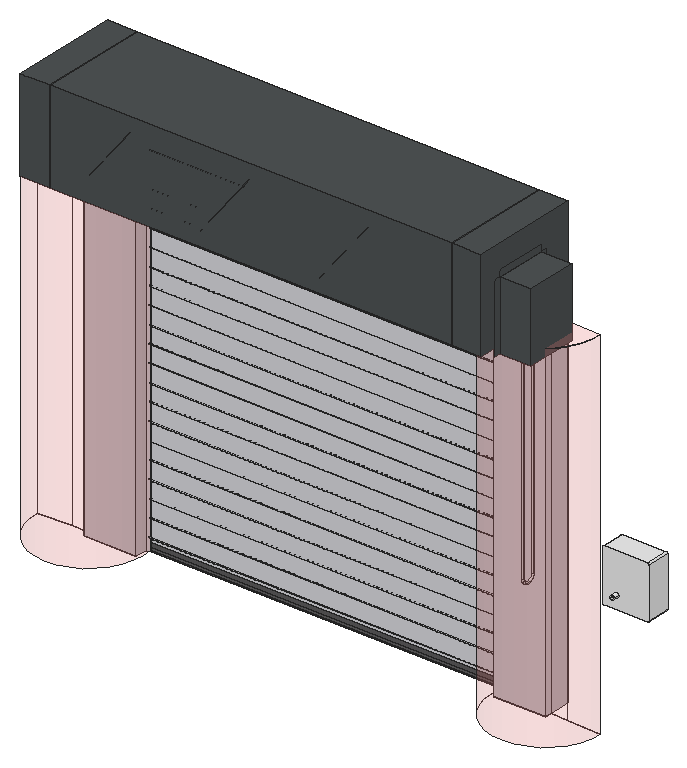
Revit family "Doors_Garage_Overhead-Door-Corporation_RapidShield-High-Speed-Exterior-Metal-Door-998_new_", category Specialty Equipment, host Wall, Revit 2019 (continued)
Definition of nested family "Lifts"
  Definition of nested family "General Motor"
    Forms (in)
      Extrusion 8, solid, material <- "Shaft Material"
        sketch origin (6.36891, 0, -153.29) x (0, 0, -1) y (0, -1, 0)
          loop
            line (-133.979, -10.6) -> (-133.979, -5.4) -> (-136.125, -5.4)
            arc (-136.125, -5.4) -> (-138.725, -8) -> (-136.125, -10.6) r 2.6
            line (-136.125, -10.6) -> (-133.979, -10.6)
        from 2.565 to 3.79891
      Extrusion 9, solid, material <- "Shaft Material"
        sketch origin (0, 0, -153.29) x (0, 0, -1) y (0, -1, 0)
          loop
            circle (-136.09491, -8.066) r 1.34
        from -2.57 to 2.565
      Sweep 10, solid, material <- "Shaft Material"
        path origin (6.36891, 0, -153.29) x (0, 0, -1) y (0, -1, 0)
          loop
            line (-133.979, -10.4375) -> (-62.909, -10.4375)
            arc (-62.909, -10.4375) -> (-60.4715, -8) -> (-62.909, -5.5625) r 2.4375
            line (-62.909, -5.5625) -> (-133.979, -5.5625)
        profile origin (6.36891, 10.4375, -54.846) x (-1, 0, 0) y (0, -1, 0)
          loop
            circle (3.18196, 0.2675) r 0.2675
      Extrusion 11, solid, material <- "Hood Material", visible <- "Motor Cover"
        sketch origin (5.729, 1.755, 48) x (0, -1, 0) y (0, 0, 1)
          loop
            line (-14.945, -42.199) -> (-14.945, -65.199) -> (2.255, -65.199) -> (2.255, -42.199) -> (-14.945, -42.199)
        from 10.34 to 0
      Extrusion 12, void
        sketch origin (5.729, 1.755, 48) x (0, -1, 0) y (0, 0, 1)
          loop
            line (-2.645, -65.432) -> (-2.645, -44.63) -> (-9.977, -44.63) -> (-9.977, -65.432) -> (-2.645, -65.432)
        from 1.92509 to 8.35492
      Extrusion 13, solid, material <- "Hood Material", visible <- "Motor Cover"
        sketch origin (5.729, 1.755, 48) x (0, -1, 0) y (0, 0, 1)
          loop
            line (2.255, -42.199) -> (2.255, -40.199) -> (-14.945, -40.199) -> (-14.945, -42.199) -> (-16.945, -42.199) -> (-16.945, -65.199) -> (4.255, -65.199) -> (4.255, -42.199) -> (2.255, -42.199)
        from 0 to 0.06
    Cuts and joins
      Extrusion 4 cuts Extrusion 3
      Extrusion 6 cuts Extrusion 5
      Extrusion 12 cuts Extrusion 11
      joined: Extrusion 11, Extrusion 13
    Lines and regions (in)
      Masking region 1, visible <- "Motor Cover Off"
        outline origin (0, 0, 0) x (1, 0, 0) y (0, 1, 0)
          loop
            line (-2.5, 13.875) -> (-2.5, 9.406) -> (-2.565, 9.406) -> (-2.565, 6.726) -> (-2.22576, 6.726)
            arc (-2.22576, 6.726) -> (-2.10532, 6.54376) -> (-1.97, 6.37228) r 2.598
            line (-1.97, 6.37228) -> (-1.97, 4.90043) -> (-2.5, 4.90043) -> (-2.5, 1.18157) -> (-1.97, 1.18157) -> (-1.97, 0.25881) -> (1.97, 0.25881) -> (1.97, 1.18157) -> (2.5, 1.18157) -> (2.5, 4.90043) -> (1.97, 4.90043) -> (1.97, 6.37228)
            arc (1.97, 6.37228) -> (2.10532, 6.54376) -> (2.22576, 6.726) r 2.598
            line (2.22576, 6.726) -> (2.565, 6.726) -> (2.565, 5.4) -> (3.79891, 5.4) -> (3.79891, 10.6) -> (2.565, 10.6) -> (2.565, 9.406) -> (2.5, 9.406) -> (2.5, 13.875) -> (-2.5, 13.875)
          loop
            line (5.479, 3.496) -> (5.479, 1.82199) -> (4.57141, 0.25) -> (-1.14825, 0.25) -> (-1.14825, 0) -> (4.71575, 0) -> (5.729, 1.755) -> (5.729, 3.496) -> (5.479, 3.496)
      Masking region 2, visible <- "Motor Cover Off"
        outline origin (0, 0, 0) x (1, 0, 0) y (0, 1, 0)
          loop
            circle (0, 8.066) r 2.598
          loop
            line (-2.5, 4.90043) -> (-2.5, 4.51043) -> (-1.97, 4.51043) -> (-1.97, 4.90043) -> (-2.5, 4.90043)
          loop
            line (-2.5, 1.57157) -> (-2.5, 1.18157) -> (-1.97, 1.18157) -> (-1.97, 1.57157) -> (-2.5, 1.57157)
          loop
            line (1.97, 1.57157) -> (1.97, 1.18157) -> (2.5, 1.18157) -> (2.5, 1.57157) -> (1.97, 1.57157)
          loop
            line (1.97, 4.90043) -> (1.97, 4.51043) -> (2.5, 4.51043) -> (2.5, 4.90043) -> (1.97, 4.90043)
      Masking region 3, visible <- "Motor Cover"
        outline origin (0, 0, 0) x (1, 0, 0) y (0, 1, 0)
          loop
            line (5.729, 18.7) -> (5.669, 18.7) -> (5.669, 16.7) -> (-4.611, 16.7) -> (-4.611, -0.5) -> (5.669, -0.5) -> (5.669, -2.5) -> (5.729, -2.5) -> (5.729, 18.7)
      symbolic lines, visible <- "Motor Cover Off"
        curve 1: line (-1.97, 6.37228, 0) -> (-1.97, 0.626, 0)
        curve 2: line (1.97, 6.37228, 0) -> (1.97, 0.626, 0)
        curve 3: line (2.5, 13.875, 0) -> (2.5, 8.77283, 0)
        curve 4: line (2.57, 7.6856, 0) -> (2.57, 5.4, 0)
        curve 5: line (2.565, 9.406, 0) -> (2.565, 8.47877, 0)
        curve 6: line (-2.5, 9.406, 0) -> (-2.5, 8.77283, 0)
      symbolic lines, visible <- "Motor Cover"
        curve 7: line (5.669, -2.5, 0) -> (5.669, 18.7, 0)
    Dimensions and locks (in)
      locked: plane 4 to plane 5 at 23.881
      locked: Extrusion 7 sketch curve to Extrusion 7 sketch curve at 8.819
      locked: Extrusion 8 sketch curve to plane 6 at 2.146
      "Chain Length": plane 7 to plane 8
      locked: level to plane 7 at 19.311
      locked: plane 3 "Center (Left/Right)" to plane 9 at 5.729
      equal spacing: Extrusion 11 sketch curve, plane 10, Extrusion 11 sketch curve
      locked: Extrusion 11 sketch curve to Extrusion 11 sketch curve at 17.2
      locked: Extrusion 11 sketch curve to plane 1 "Center (Front/Back)" at 0.5
      locked: plane 1 "Center (Front/Back)" to Extrusion 12 sketch curve at 4.4
      locked: plane 1 "Center (Front/Back)" to Extrusion 12 sketch curve at 11.732
      locked: Extrusion 12 sketch curve to level at 3.37
      locked: level to Extrusion 12 sketch curve at 17.432
      locked: Extrusion 13 sketch curve to level at 7.801
      locked: Extrusion 13 sketch curve to plane 1 "Center (Front/Back)" at 2.5
      locked: plane 1 "Center (Front/Back)" to Extrusion 13 sketch curve at 18.7
      locked: Extrusion 13 sketch curve to level at 5.801
      locked: level to Extrusion 13 sketch curve at 17.199
      locked: Extrusion 11 sketch curve to Extrusion 11 sketch curve at 23
      aligned and locked: plane 2 to level
      aligned and locked: Revolve 1 sketch curve to plane 4
      aligned and locked: plane 5 to Revolve 1 sketch curve
      aligned and locked: plane 4 to Revolve 1 sketch curve
      aligned and locked: Revolve 1 sketch curve to Revolve 1 sketch curve
      aligned and locked: plane 7 to Sweep 10 sketch curve  (x2)
      aligned and locked: plane 8 to Sweep 10 sketch curve  (x2)
      aligned and locked: Extrusion 11 to plane 9
      aligned and locked: Extrusion 13 sketch curve to Extrusion 13 sketch curve
      aligned and locked: cut or joined group of Extrusion 11, Extrusion 12, Extrusion 13 to Extrusion 13 sketch curve
      aligned and locked: Extrusion 13 sketch curve to cut or joined group of Extrusion 11, Extrusion 12, Extrusion 13
    Automatic sketch dimensions
      Revolve 1 sketch curve to plane 5 = 0' - 0"
      Revolve 1 sketch curve to plane 4 = 0' - 1.965"
      Revolve 1 sketch curve to level = 0' - 4.941"
      Revolve 1 sketch curve to Revolve 1 sketch curve = 0' - 0.256"
      Revolve 1 sketch curve to Revolve 1 sketch curve = 0' - 1.142"
      Revolve 1 sketch curve to Revolve 1 sketch curve = 0' - 4.843"
      Revolve 1 sketch curve to Revolve 1 sketch curve = 0' - 1.339"
      Revolve 1 sketch curve to Revolve 1 sketch curve = 0' - 2.48"
      plane 5 to Revolve 1 sketch curve = 0' - 1.347"
      Revolve 1 sketch curve to plane 1 "Center (Front/Back)" = 0' - 8.066"
      Revolve 1 sketch curve to Revolve 1 sketch curve = 0' - 1.07288"
      Revolve 1 sketch curve to Revolve 1 sketch curve = 0' - 0.62812"
      Revolve 1 sketch curve to Revolve 1 sketch curve = 0' - 0.651"
      Revolve 1 sketch curve to plane 1 "Center (Front/Back)" = 0' - 5.704"
      Revolve 1 sketch curve to Revolve 1 sketch curve = 0' - 0.128"
      Revolve 1 sketch curve to Revolve 1 sketch curve = 0' - 0.067"
      Revolve 1 sketch curve to Revolve 1 sketch curve = 0' - 2.598"
      Extrusion 2 sketch curve to level = 0' - 6.339"
      Extrusion 2 sketch curve to Extrusion 2 sketch curve = 0' - 4.843"
      Extrusion 2 sketch curve to plane 1 "Center (Front/Back)" = 1' - 1 7/8"
      Extrusion 2 sketch curve to Extrusion 2 sketch curve = 0' - 6"
      plane 1 "Center (Front/Back)" to Extrusion 3 sketch curve = 0' - 0"
      Extrusion 3 sketch curve to plane 1 "Center (Front/Back)" = 0' - 1.755"
      plane 3 "Center (Left/Right)" to Extrusion 3 sketch curve = 0' - 5.729"
      Extrusion 3 sketch curve to Extrusion 3 sketch curve = 0' - 0 1/4"  (x2)
      Extrusion 3 sketch curve to Extrusion 3 sketch curve = 0' - 0.76325"
      Extrusion 3 sketch curve to Extrusion 3 sketch curve = 0' - 0.14434"
      Extrusion 3 sketch curve to plane 3 "Center (Left/Right)" = 0' - 1.14825"
      Extrusion 3 sketch curve to Extrusion 3 sketch curve = 0' - 0.06699"
      Extrusion 3 sketch curve to Extrusion 3 sketch curve = 0' - 1.67401"
      Extrusion 4 sketch curve to plane 3 "Center (Left/Right)" = 0' - 3.771"
      Extrusion 4 sketch curve to plane 3 "Center (Left/Right)" = 0' - 1.14825"  (x2)
      plane 3 "Center (Left/Right)" to Extrusion 4 sketch curve = 0' - 0.58575"
      Extrusion 4 sketch curve to Extrusion 4 sketch curve = 0' - 1.95325"  (x2)
      Extrusion 4 sketch curve to Extrusion 4 sketch curve = 0' - 3.19"  (x2)
      Extrusion 4 sketch curve to level = 0' - 5.9755"
      Extrusion 4 sketch curve to Extrusion 4 sketch curve = 0' - 1.4155"
      Extrusion 4 sketch curve to Extrusion 4 sketch curve = 0' - 2 1/4"  (x2)
      Extrusion 4 sketch curve to Extrusion 4 sketch curve = 0' - 1 1/4"  (x2)
      level to Extrusion 4 sketch curve = 0' - 3.31"
      level to Extrusion 4 sketch curve = 0' - 3.7255"
      Extrusion 5 sketch curve to level = 0' - 3.17729"
      Extrusion 5 sketch curve to Extrusion 5 sketch curve = 0' - 1.27271"  (x2)
      Extrusion 5 sketch curve to plane 1 "Center (Front/Back)" = 0' - 1.18157"
      Extrusion 5 sketch curve to Extrusion 5 sketch curve = 0' - 0.325"  (x2)
      Extrusion 5 sketch curve to plane 1 "Center (Front/Back)" = 0' - 1.441"
      Extrusion 5 sketch curve to Extrusion 5 sketch curve = 0' - 4.99"
      Extrusion 5 sketch curve to Extrusion 5 sketch curve = 0' - 0.39"  (x2)
      Extrusion 5 sketch curve to Extrusion 5 sketch curve = 0' - 2.93885"
      Extrusion 5 sketch curve to Extrusion 5 sketch curve = 0' - 3.2"
      Extrusion 6 sketch curve to plane 3 "Center (Left/Right)" = 0' - 4 1/2"
      Extrusion 6 sketch curve to Extrusion 6 sketch curve = 0' - 2"
      Extrusion 6 sketch curve to plane 3 "Center (Left/Right)" = 0' - 2.06343"
      plane 3 "Center (Left/Right)" to Extrusion 6 sketch curve = 0' - 2.06343"
      plane 3 "Center (Left/Right)" to Extrusion 6 sketch curve = 0' - 2 1/2"
      Extrusion 6 sketch curve to Extrusion 6 sketch curve = 0' - 2.43657"
      Extrusion 6 sketch curve to level = 0' - 10.775"
      Extrusion 6 sketch curve to Extrusion 6 sketch curve = 0' - 1.01"
      Extrusion 6 sketch curve to level = 0' - 4.775"  (x2)
      Extrusion 7 sketch curve to plane 1 "Center (Front/Back)" = 0' - 0 1/4"
      level to Extrusion 7 sketch curve = 0' - 3.346"
      Extrusion 7 sketch curve to level = 0' - 3.346"
      Extrusion 8 sketch curve to plane 6 = 0' - 0"
      Extrusion 8 sketch curve to plane 1 "Center (Front/Back)" = 0' - 10.6"
      Extrusion 8 sketch curve to Extrusion 8 sketch curve = 0' - 2.6"
      Extrusion 9 sketch curve to plane 1 "Center (Front/Back)" = 0' - 8.066"
      Extrusion 9 sketch curve to level = 1' - 5.19509"
      Sweep 10 sketch curve to profile plane = 0' - 0.2675"
      profile plane to Sweep 10 sketch curve = 0' - 3.18196"
      Masking region 2 sketch curve to plane 3 "Center (Left/Right)" = 0' - 0"
      Masking region 2 sketch curve to plane 3 "Center (Left/Right)" = 0' - 1.97"  (x2)
      Masking region 2 sketch curve to Masking region 2 sketch curve = 0' - 0.53"  (x4)
      plane 3 "Center (Left/Right)" to Masking region 2 sketch curve = 0' - 1.97"  (x2)
      Masking region 2 sketch curve to plane 1 "Center (Front/Back)" = 0' - 1.18157"  (x2)
      Masking region 2 sketch curve to Masking region 2 sketch curve = 0' - 0.39"  (x4)
      Masking region 2 sketch curve to Masking region 2 sketch curve = 0' - 2.93885"  (x2)
      Masking region 2 sketch curve to Masking region 2 sketch curve = 0' - 3.16557"
      Masking region 1 sketch curve to Masking region 1 sketch curve = 0' - 0"  (x2)
      plane 1 "Center (Front/Back)" to Masking region 1 sketch curve = 0' - 0"
      Masking region 1 sketch curve to plane 3 "Center (Left/Right)" = 0' - 0"
      Masking region 1 sketch curve to plane 1 "Center (Front/Back)" = 0' - 0 1/4"
      Masking region 1 sketch curve to plane 3 "Center (Left/Right)" = 0' - 1.14825"
      Masking region 1 sketch curve to plane 3 "Center (Left/Right)" = 0' - 1.97"
      Masking region 1 sketch curve to Masking region 1 sketch curve = 0' - 0.82175"
      Masking region 1 sketch curve to Masking region 1 sketch curve = 0' - 0.25576"  (x2)
      Masking region 1 sketch curve to Masking region 1 sketch curve = 0' - 0.53"  (x2)
      Masking region 1 sketch curve to plane 3 "Center (Left/Right)" = 0' - 2 1/2"
      plane 3 "Center (Left/Right)" to Masking region 1 sketch curve = 0' - 1.97"  (x2)
      plane 3 "Center (Left/Right)" to Masking region 1 sketch curve = 0' - 2 1/2"
      Masking region 1 sketch curve to Masking region 1 sketch curve = 0' - 0.33924"  (x2)
      Masking region 1 sketch curve to Masking region 1 sketch curve = 0' - 0.065"
      Masking region 1 sketch curve to Masking region 1 sketch curve = 0' - 1.23391"
      Masking region 1 sketch curve to Masking region 1 sketch curve = 0' - 2.07141"
      Masking region 1 sketch curve to Masking region 1 sketch curve = 0' - 0.14434"
      Masking region 1 sketch curve to Masking region 1 sketch curve = 0' - 1.68009"
      Masking region 1 sketch curve to Masking region 1 sketch curve = 0' - 0 1/4"
      Masking region 1 sketch curve to plane 1 "Center (Front/Back)" = 0' - 0.25881"
      Masking region 1 sketch curve to Masking region 1 sketch curve = 0' - 0.92276"  (x2)
      Masking region 1 sketch curve to plane 1 "Center (Front/Back)" = 0' - 1.755"
      Masking region 1 sketch curve to Masking region 1 sketch curve = 0' - 0.06699"
      Masking region 1 sketch curve to Masking region 1 sketch curve = 0' - 1.67401"
      Masking region 1 sketch curve to Masking region 1 sketch curve = 0' - 3.71885"  (x2)
      Masking region 1 sketch curve to Masking region 1 sketch curve = 0' - 0.49957"
      Masking region 1 sketch curve to Masking region 1 sketch curve = 0' - 0.97228"
      Masking region 1 sketch curve to Masking region 1 sketch curve = 0' - 1.47185"
      Masking region 1 sketch curve to Masking region 1 sketch curve = 0' - 0.35372"
      Masking region 1 sketch curve to Masking region 1 sketch curve = 0' - 2.68"  (x2)
      Masking region 1 sketch curve to Masking region 1 sketch curve = 0' - 1.194"
      Masking region 1 sketch curve to Masking region 1 sketch curve = 0' - 4.469"
      Masking region 3 sketch curve to plane 9 = 0' - 0"
      plane 9 to Masking region 3 sketch curve = 0' - 0.06"  (x2)
      Masking region 3 sketch curve to plane 3 "Center (Left/Right)" = 0' - 4.611"
      plane 1 "Center (Front/Back)" to Masking region 3 sketch curve = 0' - 2 1/2"
      plane 1 "Center (Front/Back)" to Masking region 3 sketch curve = 0' - 0 1/2"
      Masking region 3 sketch curve to plane 1 "Center (Front/Back)" = 1' - 4.7"
      Masking region 3 sketch curve to Masking region 3 sketch curve = 0' - 2"
      curve 6 to plane 3 "Center (Left/Right)" = 0' - 2 1/2"
      plane 9 to curve 7 = 0' - 0.06"
      plane 1 "Center (Front/Back)" to curve 7 = 0' - 2 1/2"
      curve 1 to plane 1 "Center (Front/Back)" = 0' - 0.626"
      curve 1 to plane 3 "Center (Left/Right)" = 0' - 1.97"
      curve 2 to plane 1 "Center (Front/Back)" = 0' - 0.626"
      plane 3 "Center (Left/Right)" to curve 2 = 0' - 1.97"
      curve 2 to curve 3 = 0' - 0.53"
      curve 3 to curve 5 = 0' - 0.065"
      curve 5 to curve 4 = 0' - 0.005"
      curve 2 to curve 4 = 0' - 4.774"
      curve 4 to curve 2 = 0' - 0.97228"
      curve 1 to curve 2 = 0' - 0"
      curve 2 to curve 4 = 0' - 1.31333"
      curve 4 to curve 5 = 0' - 0.79317"
      curve 1 to curve 6 = 0' - 2.40055"
      curve 5 to curve 3 = 0' - 0.29406"
      curve 6 to curve 6 = 0' - 0.63317"
      curve 3 to curve 5 = 0' - 0.63317"
      curve 5 to curve 3 = 0' - 4.469"
      curve 3 to curve 7 = 0' - 4.825"
      Sweep 10 sketch curve to plane 1 "Center (Front/Back)" = 0' - 10 7/16"
      Sweep 10 sketch curve to Sweep 10 sketch curve = 0' - 2 7/16"
      radius of Extrusion 9 sketch curve = 0' - 1.34"
      radius of Sweep 10 sketch curve = 0' - 0.2675"
      radius of Masking region 2 sketch curve = 0' - 2.598"
Definition of nested family "Slat"
  Parameters (values of type "Slat")
    Standard Slat Material = none
    Standard Slat Bottom Rail [instance] = if(and(Bottom Rail, Standard Slat), 1 < 2, 1 > 2)  # no
    Standard Slat [instance] = if(or(Slat Option < 1, Slat Option = 1), 1 < 2, 1 > 2)  # yes
    Slat Thickness = 0' - 1.18227"
    Slat Option [instance] = 1
    Slat Height = 0' - 5 13/16"
    Polycarbonated Slat Material = none
    Polycarbonate Slat Bottom Rail [instance] = if(and(Bottom Rail, Polycarbonate Slat), 1 < 2, 1 > 2)  # no
    Polycarbonate Slat [instance] = if(or(Slat Option > 3, Slat Option = 3), 1 < 2, 1 > 2)  # no
    Perforated Slat Material = none
    Perforated Slat Length = (Door Width / 40) * 37  # 9' - 3"
    Perforated Slat Bottom Rail [instance] = if(and(Bottom Rail, Perforated Slat), 1 < 2, 1 > 2)  # no
    Perforated Slat [instance] = if(Slat Option = 2, 1 < 2, 1 > 2)  # no
    Door Width = 10' - 0"
    Default Elevation = 4' - 0"
    Bottom Rail [instance] = no
  Reference planes (in)
    plane 1 "Center (Front/Back)": y = 0
    plane 2: z = 0
    plane 3 "Center (Left/Right)": x = 0
    plane 4: x = -60
    plane 5: x = 60
    plane 6: z = 5.8125
    plane 7: y = -0.59114
    plane 8: y = 0.59114
    plane 9: y = -0.32455
    plane 10: y = -0.32455
    plane 11: y = -0.32455
  Forms (in)
    Extrusion 1, solid, material <- "Standard Slat Material", visible <- "Standard Slat"
      sketch origin (0, 0, 0) x (0, 1, 0) y (0, 0, 1)
        loop
          line (0.02508, 0) -> (0.59114, 0) -> (0.59114, 5.8125) -> (0.02508, 5.8125) -> (-0.59114, 5.19629) -> (-0.59114, 0.61621) -> (0.02508, 0)
      from -60 to 60
    Extrusion 2, solid, material <- "Standard Slat Material", visible <- "Standard Slat"
      sketch origin (0, 0, 0) x (0, 1, 0) y (0, 0, 1)
        loop
          line (-0.67418, 5.8125) -> (-0.67418, 0)
          arc (-0.67418, 0) -> (-0.32455, -0.34963) -> (0.02508, 0) r 0.34963
          line (0.02508, 0) -> (-0.59114, 0.61621) -> (-0.59114, 5.19629) -> (0.02508, 5.8125)
          arc (0.02508, 5.8125) -> (-0.32455, 6.16213) -> (-0.67418, 5.8125) r 0.34963
      from -60 to 60
    Extrusion 3, solid, material <- "Standard Slat Material", visible <- "Perforated Slat"
      sketch origin (0, 0, 0) x (0, 1, 0) y (0, 0, 1)
        loop
          line (0.02508, 0) -> (0.59114, 0) -> (0.59114, 5.8125) -> (0.02508, 5.8125) -> (-0.59114, 5.19629) -> (-0.59114, 0.61621) -> (0.02508, 0)
      from -60 to 60
    Extrusion 4, solid, material <- "Standard Slat Material", visible <- "Perforated Slat"
      sketch origin (0, 0, 0) x (0, 1, 0) y (0, 0, 1)
        loop
          line (-0.67418, 5.8125) -> (-0.67418, 0)
          arc (-0.67418, 0) -> (-0.32455, -0.34963) -> (0.02508, 0) r 0.34963
          line (0.02508, 0) -> (-0.59114, 0.61621) -> (-0.59114, 5.19629) -> (0.02508, 5.8125)
          arc (0.02508, 5.8125) -> (-0.32455, 6.16213) -> (-0.67418, 5.8125) r 0.34963
      from -60 to 60
    Extrusion 5, solid, material <- "Standard Slat Material", visible <- "Polycarbonate Slat"
      sketch origin (0, 0, 0) x (0, 1, 0) y (0, 0, 1)
        loop
          line (0.02508, 0) -> (0.59114, 0) -> (0.59114, 5.8125) -> (0.02508, 5.8125) -> (-0.59114, 5.19629) -> (-0.59114, 0.61621) -> (0.02508, 0)
      from -60 to 60
    Extrusion 6, solid, material <- "Standard Slat Material", visible <- "Polycarbonate Slat"
      sketch origin (0, 0, 0) x (0, 1, 0) y (0, 0, 1)
        loop
          line (-0.67418, 5.8125) -> (-0.67418, 0)
          arc (-0.67418, 0) -> (-0.32455, -0.34963) -> (0.02508, 0) r 0.34963
          line (0.02508, 0) -> (-0.59114, 0.61621) -> (-0.59114, 5.19629) -> (0.02508, 5.8125)
          arc (0.02508, 5.8125) -> (-0.32455, 6.16213) -> (-0.67418, 5.8125) r 0.34963
      from -60 to 60
    Extrusion 7, solid, material <- "Standard Slat Material", visible <- "Standard Slat Bottom Rail"
      sketch origin (0, 0, 0) x (0, 1, 0) y (0, 0, 1)
        loop
          line (-0.59114, -0.22622) -> (-0.59114, -1.0625) -> (0.59114, -1.0625) -> (0.59114, 0) -> (0.02508, 0)
          arc (0.02508, 0) -> (-0.20406, -0.32821) -> (-0.59114, -0.22622) r 0.34963
      from -60 to 60
    Extrusion 8, solid, material <- "Perforated Slat Material", visible <- "Perforated Slat Bottom Rail"
      sketch origin (0, 0, 0) x (0, 1, 0) y (0, 0, 1)
        loop
          line (-0.59114, -0.22622) -> (-0.59114, -1.0625) -> (0.59114, -1.0625) -> (0.59114, 0) -> (0.02508, 0)
          arc (0.02508, 0) -> (-0.20406, -0.32821) -> (-0.59114, -0.22622) r 0.34963
      from -60 to 60
    Extrusion 9, solid, material <- "Polycarbonated Slat Material", visible <- "Polycarbonate Slat Bottom Rail"
      sketch origin (0, 0, 0) x (0, 1, 0) y (0, 0, 1)
        loop
          line (-0.59114, -0.22622) -> (-0.59114, -1.0625) -> (0.59114, -1.0625) -> (0.59114, 0) -> (0.02508, 0)
          arc (0.02508, 0) -> (-0.20406, -0.32821) -> (-0.59114, -0.22622) r 0.34963
      from -60 to 60
    Extrusion 10, void
      sketch origin (0, 0, 0) x (1, 0, 0) y (0, 0, 1)
        loop
          line (-55.5, 5.19629) -> (-55.5, 0.61621) -> (55.5, 0.61621) -> (55.5, 5.19629) -> (-55.5, 5.19629)
      from -3.39847 to 3.48063
    Extrusion 11, solid, material <- "Perforated Slat Material", visible <- "Perforated Slat"
      sketch origin (0, 0, 0) x (1, 0, 0) y (0, 0, 1)
        loop
          line (-55.5, 5.19629) -> (-55.5, 0.61621) -> (55.5, 0.61621) -> (55.5, 5.19629) -> (-55.5, 5.19629)
      from -0.59114 to 0.67418
    Extrusion 12, void
      sketch origin (0, 0, 0) x (1, 0, 0) y (0, 0, 1)
        loop
          line (-59, 0.61621) -> (59, 0.61621) -> (59, 5.19629) -> (-59, 5.19629) -> (-59, 0.61621)
      from -9.08759 to 12
    Extrusion 13, solid, material <- "Polycarbonated Slat Material", visible <- "Polycarbonate Slat"
      sketch origin (0, 0, 0) x (1, 0, 0) y (0, 0, 1)
        loop
          line (-59, 5.19629) -> (-59, 0.61621) -> (59, 0.61621) -> (59, 5.19629) -> (-59, 5.19629)
      from -0.59114 to 0.67418
  Cuts and joins
    Extrusion 10 cuts Extrusion 4
    Extrusion 10 cuts Extrusion 3
    Extrusion 12 cuts Extrusion 6
    Extrusion 12 cuts Extrusion 5
  Lines and regions (in)
    model lines
      curve 1: line (-60, -0.67418, 5.8125) -> (60, -0.67418, 5.8125)
  Dimensions and locks (in)
    equal spacing: plane 4, plane 3 "Center (Left/Right)", plane 5
    "Door Width": plane 4 to plane 5
    "Slat Height": plane 6 to level
    equal spacing: plane 7, plane 1 "Center (Front/Back)", plane 8
    "Slat Thickness": plane 7 to plane 8
    locked: Extrusion 1 sketch curve to Extrusion 1 sketch curve at 0.56606
    locked: plane 9 to plane 8 at 0.91569
    locked: Extrusion 3 sketch curve to Extrusion 3 sketch curve at 0.56606
    locked: Extrusion 5 sketch curve to Extrusion 5 sketch curve at 0.56606
    locked: level to Extrusion 7 sketch curve at 1.0625
    "Perforated Slat Length": Extrusion 10 sketch curve to Extrusion 10 sketch curve
    equal spacing: Extrusion 10 sketch curve, plane 3 "Center (Left/Right)", Extrusion 10 sketch curve
    equal spacing: Extrusion 11 sketch curve, plane 3 "Center (Left/Right)", Extrusion 11 sketch curve
    "Perforated Slat Length": Extrusion 11 sketch curve to Extrusion 11 sketch curve
    locked: plane 5 to Extrusion 12 sketch curve at 1
    locked: plane 4 to Extrusion 12 sketch curve at 1
    locked: plane 5 to Extrusion 13 sketch curve at 1
    locked: plane 4 to Extrusion 13 sketch curve at 1
    locked: Extrusion 1 sketch curve to Extrusion 1 sketch curve (angle 135.00°)
    locked: Extrusion 1 sketch curve to plane 6 (angle 135.00°)
    locked: Extrusion 3 sketch curve to Extrusion 3 sketch curve (angle 135.00°)
    locked: Extrusion 5 sketch curve to Extrusion 5 sketch curve (angle 135.00°)
    aligned and locked: plane 2 to level
    aligned and locked: Extrusion 1 sketch curve to level
    aligned and locked: Extrusion 1 sketch curve to plane 8
    aligned and locked: Extrusion 1 sketch curve to plane 6
    aligned and locked: Extrusion 1 sketch curve to plane 7
    aligned and locked: plane 5 to Extrusion 1
    aligned and locked: plane 4 to Extrusion 1
    aligned and locked: plane 5 to Extrusion 2
    aligned and locked: plane 4 to Extrusion 2
    aligned and locked: plane 5 to curve 1
    aligned and locked: plane 4 to curve 1
    aligned and locked: plane 5 to Extrusion 6
    aligned and locked: plane 5 to Extrusion 5
    aligned and locked: plane 5 to Extrusion 4
    aligned and locked: plane 5 to Extrusion 3
    aligned and locked: plane 4 to Extrusion 6
    aligned and locked: plane 4 to Extrusion 5
    aligned and locked: plane 4 to Extrusion 4
    aligned and locked: plane 4 to Extrusion 3
    aligned and locked: Extrusion 7 sketch curve to level
    aligned and locked: plane 5 to Extrusion 9
    aligned and locked: plane 5 to Extrusion 8
    aligned and locked: plane 5 to Extrusion 7
    aligned and locked: plane 4 to Extrusion 9
    aligned and locked: plane 4 to Extrusion 8
    aligned and locked: plane 4 to Extrusion 7
  Automatic sketch dimensions
    Extrusion 1 sketch curve to plane 1 "Center (Front/Back)" = 0' - 0.02508"
    Extrusion 2 sketch curve to plane 6 = 0' - 0"
    Extrusion 2 sketch curve to level = 0' - 0"
    Extrusion 2 sketch curve to plane 7 = 0' - 0"
    Extrusion 2 sketch curve to plane 9 = 0' - 0"  (x2)
    plane 7 to Extrusion 2 sketch curve = 0' - 0.08305"
    level to Extrusion 2 sketch curve = 0' - 0.61621"
    Extrusion 2 sketch curve to plane 6 = 0' - 0.61621"
    curve 1 to Extrusion 2 = 0' - 0"
    Extrusion 3 sketch curve to plane 7 = 0' - 0"
    Extrusion 3 sketch curve to plane 6 = 0' - 0"
    Extrusion 3 sketch curve to level = 0' - 0"
    Extrusion 3 sketch curve to plane 8 = 0' - 0"
    Extrusion 3 sketch curve to plane 1 "Center (Front/Back)" = 0' - 0.02508"
    Extrusion 3 sketch curve to plane 6 = 0' - 0.61621"
    Extrusion 4 sketch curve to plane 6 = 0' - 0"
    Extrusion 4 sketch curve to level = 0' - 0"
    Extrusion 4 sketch curve to plane 7 = 0' - 0"
    Extrusion 4 sketch curve to plane 10 = 0' - 0"  (x2)
    plane 7 to Extrusion 4 sketch curve = 0' - 0.08305"
    level to Extrusion 4 sketch curve = 0' - 0.61621"
    Extrusion 4 sketch curve to plane 6 = 0' - 0.61621"
    Extrusion 5 sketch curve to plane 7 = 0' - 0"
    Extrusion 5 sketch curve to plane 6 = 0' - 0"
    Extrusion 5 sketch curve to level = 0' - 0"
    Extrusion 5 sketch curve to plane 8 = 0' - 0"
    Extrusion 5 sketch curve to plane 1 "Center (Front/Back)" = 0' - 0.02508"
    Extrusion 5 sketch curve to plane 6 = 0' - 0.61621"
    Extrusion 6 sketch curve to plane 6 = 0' - 0"
    Extrusion 6 sketch curve to level = 0' - 0"
    Extrusion 6 sketch curve to plane 7 = 0' - 0"
    Extrusion 6 sketch curve to plane 11 = 0' - 0"  (x2)
    plane 7 to Extrusion 6 sketch curve = 0' - 0.08305"
    level to Extrusion 6 sketch curve = 0' - 0.61621"
    Extrusion 6 sketch curve to plane 6 = 0' - 0.61621"
    Extrusion 7 sketch curve to plane 7 = 0' - 0"
    Extrusion 7 sketch curve to plane 8 = 0' - 0"
    plane 1 "Center (Front/Back)" to Extrusion 7 sketch curve = 0' - 0.32455"
    Extrusion 7 sketch curve to plane 1 "Center (Front/Back)" = 0' - 0.02508"
    Extrusion 8 sketch curve to plane 7 = 0' - 0"
    Extrusion 8 sketch curve to level = 0' - 0"
    Extrusion 8 sketch curve to plane 8 = 0' - 0"
    plane 1 "Center (Front/Back)" to Extrusion 8 sketch curve = 0' - 0.32455"
    Extrusion 8 sketch curve to plane 1 "Center (Front/Back)" = 0' - 0.02508"
    Extrusion 8 sketch curve to level = 0' - 1 1/16"
    Extrusion 9 sketch curve to level = 0' - 0"
    Extrusion 9 sketch curve to level = 0' - 0.22622"
    plane 8 to Extrusion 9 sketch curve = 0' - 1.18227"
    Extrusion 9 sketch curve to Extrusion 9 sketch curve = 0' - 0.26658"
    Extrusion 9 sketch curve to Extrusion 9 sketch curve = 0' - 1.18227"
    Extrusion 9 sketch curve to level = 0' - 1 1/16"
    level to Extrusion 12 sketch curve = 0' - 0.61621"
    Extrusion 12 sketch curve to plane 6 = 0' - 0.61621"
    Extrusion 13 sketch curve to plane 6 = 0' - 0.61621"
    level to Extrusion 13 sketch curve = 0' - 0.61621"
    level to Extrusion 10 sketch curve = 0' - 0.61621"
    Extrusion 10 sketch curve to plane 6 = 0' - 0.61621"
    level to Extrusion 11 sketch curve = 0' - 0.61621"
    Extrusion 11 sketch curve to plane 6 = 0' - 0.61621"
Types (3): name | External Transformer | Voltage | Apparent Load Phase 3 | Apparent Load Phase 2 | Apparent Load Phase 1
  230 volts, three phase, 60 Hz (208-245V range) | no | 230 V | 2655.81 VA | 2655.81 VA | 2655.81 VA
  460 volts, three phase, 60 Hz (456-495V range) | no | 460 V | 5311.62 VA | 5311.62 VA | 5311.62 VA
  575 volts, three phase, 60 Hz | yes | 575 V | 6639.53 VA | 6639.53 VA | 6639.53 VA
